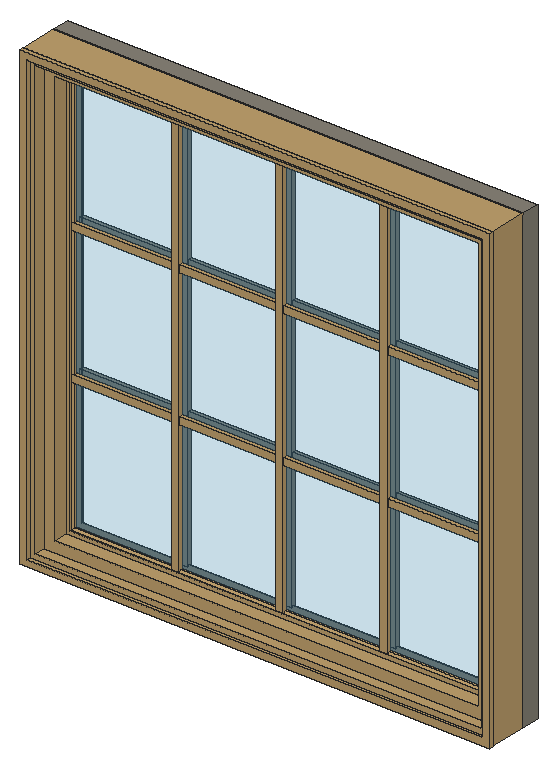
Revit family
Parameters (values of type "CUPCAP4848")
  Window Type = "Clad Ultimate Push Out Casement Picture Unit"
  URL = "www.marvin.com"
  Prairie Corner Width = 0' - 4"
  Prairie Corner Height = 0' - 4"
  Nominal Width = 4' - 0"
  Nominal Height = 4' - 0"
  Muntins Interior Material = Wood-Marvin-Pine
  Muntins Exterior Material = Aluminum-Marvin-Bronze
  Model = "CUPCAP4848"
  Manufacturer = "Marvin Windows and Doors"
  Lites Wide = 4
  Lites High = 3
  Lite Cut Prairie 9 = no
  Lite Cut HV Grid = not(Lite Cut Prairie 9)  # yes
  Label Visibility = no
  Interior Material = Wood-Marvin-Pine
  Glazing Material = Glass-Marvin-IG Low E II with Argon
  Glass Type = "IG Low E II with Argon"
  Frame = "Aluminum Clad"
  Family created by = "www.rbuiltcomponents.com"
  Rough Width = Width + 0' 1"  # 4' - 1"
  Rough Height = Height + 0' 0 1/2"  # 3' - 11 5/8"
  Muntins Interior Visibility = yes
  Muntins Exterior Visibility = yes
  Jamb Extension Visibility = yes
  Inset to Installation Flange [instance] = 0' - 1"
  Height = Nominal Height - 0' 0 7/8"  # 3' - 11 1/8"
  Design Pressure = "DP50"
  Description = "4848 Fixed"
  Default Head Height = 8' - 0"
  Wall Closure = (empty or 0)
  Width = Nominal Width  # 4' - 0"
  Daylight Area = DLO Width * DLO Height  # 12.1033 SF
  DLO Width = Width - 0' 5 13/16"  # 3' - 6 3/16"
  DLO Height = Height - 0' 5 13/16"  # 3' - 5 5/16"
  Cladding Material = Aluminum-Marvin-Bronze
  Assembly Code = ""
Reference planes (in)
  plane 1 "Center (Front/Back)": y = 0
  plane 2: z = 0
  plane 3 "Center (Left/Right)": x = -3
  plane 4 "Left": x = -27
  plane 5 "Right": x = 21
  plane 6 "Sill": z = 48.875
  plane 7 "Top": z = 96
  plane 8 "Inset": y = 2
  plane 9 "Glazing": y = 1.25
  plane 10 "Jamb Ext Face": y = -2.5625
  plane 11: z = 72.4375
  plane 12: y = -2.625
Forms (in)
  Sweep 1, solid, material "Aluminum-Marvin-Bronze" <- "Cladding Material"
    path origin (0, 1.25, 0) x (1, 0, 0) y (0, 0, 1)
      loop
        line (-27, 96) -> (-27, 48.875) -> (21, 48.875) -> (21, 96) -> (-27, 96)
    profile "Profile_Ext_Clad_Frame : Profile_Ext_Clad_Frame" origin (-27, 1.25, 72.4375) x (1, 0, 0) y (0, -1, 0)
      loop
        line (0, 0) -> (0, -1.84401) -> (0.52105, -1.84401) -> (0.62315, -0.38401) -> (2.696, -0.38401) -> (2.696, -0.2654) -> (2.896, -0.0654) -> (2.896, 0) -> (0, 0)
  Sweep 2, solid, material "Wood-Marvin-Pine" <- "Interior Material"
    path origin (0, 1.25, 0) x (1, 0, 0) y (0, 0, 1)
      loop
        line (-27, 96) -> (-27, 48.875) -> (21, 48.875) -> (21, 96) -> (-27, 96)
    profile "Profile_Int_Frame : Profile_Int_Frame" origin (-27, 1.25, 72.4375) x (1, 0, 0) y (0, -1, 0)
      loop
        line (0, 0) -> (2.208, 0) -> (2.208, 0.75299) -> (2.896, 0.75299) -> (2.896, 0.94965) -> (2.7085, 1.13715) -> (2.7085, 1.23699) -> (2.30184, 1.23699) -> (2.30184, 2.71113) -> (1.188, 2.71113) -> (1.188, 3.81199) -> (0, 3.81199) -> (0, 0)
  Extrusion 3, solid, material "Wood-Marvin-Pine" <- "Interior Material", visible <- "Jamb Extension Visibility", detail levels medium+fine
    sketch origin (0, -2.5625, 0) x (1, 0, 0) y (0, 0, 1)
      loop
        line (-27, 96) -> (-27, 48.875) -> (21, 48.875) -> (21, 96) -> (-27, 96)
      loop
        line (-26.3125, 49.5625) -> (20.3125, 49.5625) -> (20.3125, 95.3125) -> (-26.3125, 95.3125) -> (-26.3125, 49.5625)
    from 0.0625 to 0.4375
  Extrusion 4, solid, material "Glass-Marvin-IG Low E II with Argon" <- "Glazing Material"
    sketch origin (0, 1.25, 0) x (1, 0, 0) y (0, 0, 1)
      loop
        line (18.65625, 93.65625) -> (-24.65625, 93.65625) -> (-24.65625, 51.21875) -> (18.65625, 51.21875) -> (18.65625, 93.65625)
    from 0 to 0.125
  Extrusion 5, solid, material "Glass-Marvin-IG Low E II with Argon" <- "Glazing Material"
    sketch origin (0, 1.25, 0) x (1, 0, 0) y (0, 0, 1)
      loop
        line (18.65625, 93.65625) -> (-24.65625, 93.65625) -> (-24.65625, 51.21875) -> (18.65625, 51.21875) -> (18.65625, 93.65625)
    from 0.625 to 0.75
Lines and regions (in)
  Opening 1
    outline origin (-60, -3, 0) x (1, 0, 0) y (0, 0, 1)
      loop
        line (33, 96) -> (33, 48.875) -> (81, 48.875) -> (81, 96) -> (33, 96)
  Masking region 1
    outline origin (0, 0, 48.875) x (0, -1, 0) y (1, 0, 0)
      loop
        line (-3.09401, -27) -> (2.5625, -27) -> (2.5625, 21) -> (-3.09401, 21) -> (-3.09401, -27)
  Masking region 2
    outline origin (-3, 0, 0) x (0, 1, 0) y (0, 0, 1)
      loop
        line (3.09401, 96) -> (-2.5625, 96) -> (-2.5625, 48.875) -> (3.09401, 48.875) -> (3.09401, 96)
  Masking region 3, visible <- "Jamb Extension Visibility"
    outline origin (0, 0, 0) x (1, 0, 0) y (0, 1, 0)
      loop
        line (-27, -2.625) -> (-27, -3) -> (21, -3) -> (21, -2.625) -> (-27, -2.625)
  Masking region 4, visible <- "Jamb Extension Visibility"
    outline origin (-3, 0, 0) x (0, 1, 0) y (0, 0, 1)
      loop
        line (-2.625, 96) -> (-3, 96) -> (-3, 48.875) -> (-2.625, 48.875) -> (-2.625, 96)
  symbolic lines, style "Jamb Extension", visible <- "Jamb Extension Visibility", detail levels fine
    curve 1: line (-27, -3, 48.875) -> (-26.3125, -3, 48.875)
    curve 2: line (-26.3125, -3, 48.875) -> (-26.3125, -2.625, 48.875)
    curve 3: line (21, -3, 48.875) -> (20.3125, -3, 48.875)
    curve 4: line (20.3125, -3, 48.875) -> (20.3125, -2.625, 48.875)
    curve 5: line (-3, -3, 95.3125) -> (-3, -2.625, 95.3125)
    curve 6: line (-3, -3, 49.5625) -> (-3, -2.625, 49.5625)
  symbolic lines, style "WindowsFrameMullionProjection", detail levels coarse+medium
    curve 7: line (21, -2.5625, 0) -> (19.812, -2.5625, 0)
    curve 8: line (19.812, -2.5625, 0) -> (19.812, 3.09401, 0)
    curve 9: line (19.812, 3.09401, 0) -> (21, 3.09401, 0)
    curve 10: line (19.812, 1.63401, 0) -> (18.104, 1.63401, 0)
    curve 11: line (18.104, 1.63401, 0) -> (18.104, 0.01301, 0)
    curve 12: line (-25.812, 0.01301, 0) -> (-24.13337, 0.01301, 0)
    curve 13: line (-27, -2.5625, 0) -> (-25.812, -2.5625, 0)
    curve 14: line (-25.812, -2.5625, 0) -> (-25.812, 3.09401, 0)
    curve 15: line (-25.812, 3.09401, 0) -> (-27, 3.09401, 0)
    curve 16: line (-24.13337, 1.63401, 0) -> (-24.13337, 0.01301, 0)
    curve 17: line (-3, 3.09401, 96) -> (-3, 3.09401, 94.812)
    curve 18: line (-3, 3.09401, 94.812) -> (-3, -2.5625, 94.812)
    curve 19: line (-3, -2.5625, 94.812) -> (-3, -2.5625, 96)
    curve 20: line (-3, 1.63401, 94.812) -> (-3, 1.63401, 93.104)
    curve 21: line (-3, 1.63401, 93.104) -> (-3, 0.00901, 93.104)
    curve 22: line (-3, 0.00901, 50.063) -> (-3, 0.00901, 51.771)
    curve 23: line (-3, 3.09401, 48.875) -> (-3, 3.09401, 50.063)
    curve 24: line (-3, 3.09401, 50.063) -> (-3, -2.5625, 50.063)
    curve 25: line (-3, -2.5625, 50.063) -> (-3, -2.5625, 48.875)
    curve 26: line (-3, 1.63401, 51.771) -> (-3, 0.00901, 51.771)
    curve 29: line (18.104, 1.63401, 0) -> (-24.13337, 1.63401, 0)
    curve 30: line (18.104, 0.01301, 0) -> (19.812, 0.01301, 0)
    curve 31: line (-24.13337, 0.01301, 0) -> (18.104, 0.01301, 0)
    curve 32: line (-24.13337, 1.63401, 0) -> (-25.812, 1.63401, 0)
    curve 33: line (-3, 0.00901, 51.771) -> (-3, 0.00901, 93.104)
    curve 34: line (-3, 1.63401, 51.771) -> (-3, 1.63401, 50.063)
    curve 35: line (-3, 0.00901, 93.104) -> (-3, 0.00901, 94.812)
    curve 36: line (-3, 1.63401, 93.104) -> (-3, 1.63401, 51.771)
  symbolic lines, style "WindowsGlassProjection", detail levels coarse+medium
    curve 27: line (-3, 0.82151, 93.104) -> (-3, 0.82151, 51.771)
    curve 28: line (-24.13337, 0.82351, 0) -> (18.104, 0.82351, 0)
  symbolic lines, style "WindowsFrameMullionProjection"
    curve 37: line (-3, -2.5625, 50.063) -> (-3, -2.5625, 94.812)
    curve 38: line (-25.812, -2.5625, 48.875) -> (19.812, -2.5625, 48.875)
  symbolic lines, style "WindowsFrameMullionProjection", visible <- "Jamb Extension Visibility", detail levels coarse+medium
    curve 39: line (-26.3125, -2.625, 48.875) -> (-26.3125, -3, 48.875)
    curve 40: line (-26.3125, -3, 48.875) -> (-27, -3, 48.875)
    curve 41: line (20.3125, -2.625, 48.875) -> (20.3125, -3, 48.875)
    curve 42: line (20.3125, -3, 48.875) -> (21, -3, 48.875)
    curve 45: line (-3, -2.625, 95.3125) -> (-3, -3, 95.3125)
    curve 46: line (-3, -3, 95.3125) -> (-3, -3, 96)
    curve 47: line (-3, -2.625, 49.5625) -> (-3, -3, 49.5625)
    curve 48: line (-3, -3, 49.5625) -> (-3, -3, 48.875)
  symbolic lines, style "Jamb Extension", visible <- "Jamb Extension Visibility"
    curve 43: line (-3, -3, 49.5625) -> (-3, -3, 48.875)
    curve 44: line (-3, -3, 95.3125) -> (-3, -3, 96)
Text (in)
  text "EXTERIOR" at (-58.6888, 50.90694, 0), in view "Ref. Level"
  text "INTERIOR" at (-58.6888, -37.76638, 0), in view "Ref. Level"
  text "Exterior" at (0, 43.65631, 123.19604), in view "Left"
  text "Exterior" at (0, 18.29385, 125.04747), in view "Right"
Dimensions and locks (in)
  equal spacing: plane 4 "Left", plane 3 "Center (Left/Right)", plane 5 "Right"
  "Width": plane 4 "Left" to plane 5 "Right"
  "Height": plane 6 "Sill" to plane 7 "Top"
  "Inset to Installation Flange": host wall to plane 8 "Inset"
  locked: plane 9 "Glazing" to plane 8 "Inset" at 0.75
  locked: plane 10 "Jamb Ext Face" to plane 8 "Inset" at 4.5625
  locked: Extrusion 4 sketch curve to plane 5 "Right" at 2.34375
  locked: plane 4 "Left" to Extrusion 4 sketch curve at 2.34375
  locked: Extrusion 4 sketch curve to plane 7 "Top" at 2.34375
  locked: plane 6 "Sill" to Extrusion 4 sketch curve at 2.34375
  plane 8 "Inset" to curve 20 to curve 35 = 0' - 0.36599", 0' - 1 5/8"
  equal spacing: curve 30, curve 10, plane 8 "Inset"
  locked: nested 3 to plane 9 "Glazing" at 0.75
  equal spacing: plane 6 "Sill", plane 11, plane 7 "Top"
  "Default Head Height": plane 2 to plane 7 "Top"
  locked: Extrusion 3 sketch curve to Extrusion 3 sketch curve at 0.6875  (x2)
  locked: Sweep 2 to Extrusion 3 sketch curve at 0.6875
  locked: plane 7 "Top" to Extrusion 3 sketch curve at 0.6875
  locked: nested 5 to host wall at 12.00106
  locked: Extrusion 5 sketch curve to plane 7 "Top" at 2.34375
  locked: Extrusion 5 sketch curve to plane 5 "Right" at 2.34375
  locked: plane 6 "Sill" to Extrusion 5 sketch curve at 2.34375
  locked: plane 4 "Left" to Extrusion 5 sketch curve at 2.34375
  locked: plane 9 "Glazing" to Extrusion 4 at 0.125
  locked: plane 9 "Glazing" to Extrusion 5 at 0.625
  locked: plane 9 "Glazing" to Extrusion 5 at 0.75
  locked: Extrusion 5 to Extrusion 5 at 0.125
  locked: plane 12 to plane 10 "Jamb Ext Face" at 0.0625
  aligned and locked: plane 7 "Top" to Opening 1 sketch curve
  aligned and locked: plane 6 "Sill" to Opening 1 sketch curve  (x2)
  aligned and locked: plane 5 "Right" to Opening 1 sketch curve
  aligned and locked: plane 4 "Left" to Opening 1 sketch curve
  aligned and locked: nested 1 to plane 3 "Center (Left/Right)"
  aligned and locked: plane 8 "Inset" to nested 1
  aligned and locked: host wall to curve 1
  aligned and locked: curve 3 to host wall
  aligned and locked: plane 7 "Top" to Sweep 1 sketch curve
  aligned and locked: Sweep 1 sketch curve to plane 6 "Sill"
  aligned and locked: plane 5 "Right" to Sweep 1 sketch curve
  aligned and locked: Sweep 1 sketch curve to plane 4 "Left"
  aligned and locked: Sweep 2 sketch curve to plane 4 "Left"
  aligned and locked: plane 5 "Right" to Sweep 2 sketch curve
  aligned and locked: plane 7 "Top" to Sweep 2 sketch curve
  aligned and locked: Sweep 2 sketch curve to plane 6 "Sill"
  aligned and locked: plane 6 "Sill" to nested 2
  aligned and locked: plane 8 "Inset" to nested 2
  aligned and locked: Extrusion 3 sketch curve to plane 6 "Sill"
  aligned and locked: plane 5 "Right" to Extrusion 3 sketch curve
  aligned and locked: plane 11 to nested 3
  aligned and locked: plane 9 "Glazing" to nested 4
  aligned and locked: nested 4 to plane 11
  aligned and locked: nested 4 to plane 3 "Center (Left/Right)"
  aligned and locked: plane 3 "Center (Left/Right)" to nested 3
  aligned and locked: plane 5 "Right" to Masking region 1 sketch curve
  aligned and locked: Masking region 1 sketch curve to plane 4 "Left"
  aligned and locked: Masking region 1 sketch curve to Sweep 1
  aligned and locked: Masking region 2 sketch curve to Sweep 1
  aligned and locked: plane 7 "Top" to Masking region 2 sketch curve
  aligned and locked: Masking region 2 sketch curve to plane 6 "Sill"
  aligned and locked: host wall to Extrusion 3
  aligned and locked: Sweep 1 to curve 15
  aligned and locked: curve 9 to Sweep 1
  aligned and locked: curve 23 to Sweep 1
  aligned and locked: curve 17 to Sweep 1
  aligned and locked: plane 3 "Center (Left/Right)" to nested 5
  aligned and locked: Extrusion 3 sketch curve to plane 4 "Left"
  aligned and locked: plane 7 "Top" to Extrusion 3 sketch curve
  aligned and locked: curve 5 to Extrusion 3
  aligned and locked: curve 2 to Extrusion 3
  aligned and locked: curve 4 to Extrusion 3
  aligned and locked: plane 10 "Jamb Ext Face" to curve 13
  aligned and locked: curve 7 to plane 10 "Jamb Ext Face"
  aligned and locked: curve 38 to curve 14
  aligned and locked: curve 38 to curve 8
  aligned and locked: plane 10 "Jamb Ext Face" to curve 38
  aligned and locked: plane 4 "Left" to curve 40
  aligned and locked: curve 39 to Extrusion 3
  aligned and locked: curve 40 to host wall
  aligned and locked: plane 5 "Right" to curve 42
  aligned and locked: Extrusion 3 to curve 41
  aligned and locked: host wall to curve 42
  aligned and locked: curve 25 to plane 10 "Jamb Ext Face"
  aligned and locked: curve 24 to curve 37
  aligned and locked: plane 6 "Sill" to curve 43
  aligned and locked: curve 43 to Extrusion 3
  aligned and locked: curve 43 to host wall
  aligned and locked: plane 10 "Jamb Ext Face" to curve 19
  aligned and locked: plane 7 "Top" to curve 44
  aligned and locked: plane 7 "Top" to curve 46
  aligned and locked: host wall to curve 46
  aligned and locked: Extrusion 3 to curve 45
  aligned and locked: plane 6 "Sill" to curve 48
  aligned and locked: curve 47 to Extrusion 3
  aligned and locked: Sweep 2 to curve 37
  aligned and locked: Extrusion 4 to plane 9 "Glazing"
  aligned and locked: Sweep 1 to curve 10
  aligned and locked: Sweep 1 to curve 32
  aligned and locked: curve 12 to Sweep 2
  aligned and locked: Sweep 2 to curve 30
  aligned and locked: curve 8 to nested 1
  aligned and locked: curve 14 to Sweep 2
  aligned and locked: Extrusion 3 to plane 12
  aligned and locked: plane 12 to curve 2
  aligned and locked: plane 12 to curve 39
  aligned and locked: plane 12 to curve 4
  aligned and locked: plane 12 to curve 41
  aligned and locked: plane 12 to curve 5
  aligned and locked: plane 12 to curve 45
  aligned and locked: plane 12 to curve 6
  aligned and locked: plane 12 to curve 47
  aligned and locked: plane 12 to Masking region 3 sketch curve
  aligned and locked: Masking region 3 sketch curve to host wall
  aligned and locked: Masking region 3 sketch curve to plane 4 "Left"
  aligned and locked: plane 5 "Right" to Masking region 3 sketch curve
  aligned and locked: plane 12 to Masking region 4 sketch curve
  aligned and locked: Masking region 4 sketch curve to host wall
  aligned and locked: plane 7 "Top" to Masking region 4 sketch curve
  aligned and locked: Masking region 4 sketch curve to plane 6 "Sill"
  aligned and locked: Masking region 1 sketch curve to plane 10 "Jamb Ext Face"
  aligned and locked: Masking region 2 sketch curve to plane 10 "Jamb Ext Face"
Automatic sketch dimensions
  curve 13 to plane 4 "Left" = 0' - 0"
  curve 15 to plane 4 "Left" = 0' - 0"
  curve 7 to plane 5 "Right" = 0' - 0"
  curve 9 to plane 5 "Right" = 0' - 0"
  plane 9 "Glazing" to curve 28 = 0' - 0.42649"
  curve 11 to curve 30 = 0' - 1.708"
  curve 1 to plane 4 "Left" = 0' - 0"
  curve 3 to plane 5 "Right" = 0' - 0"
  curve 25 to plane 6 "Sill" = 0' - 0"
  curve 23 to plane 6 "Sill" = 0' - 0"
  curve 17 to plane 7 "Top" = 0' - 0"
  curve 19 to plane 7 "Top" = 0' - 0"
  plane 9 "Glazing" to curve 27 = 0' - 0.42849"
  curve 6 to curve 25 = 0' - 0.5005"
  curve 22 to curve 26 = 0' - 1.708"
  curve 36 to curve 20 = 0' - 1.708"
  curve 12 to curve 16 = 0' - 1.67863"
Nested families (in)
  nested 1: "Casement_Plan_Detail" at (-3, 2, 48.875) x (-1, 0, 0) z (0, 0, -1), type "Casement_Plan_Detail", detail levels fine
    with Width 4' - 0"
  nested 2: "Casement_Section_Detail" at (-3, 2, 96) x (0, -1, 0) z (1, 0, 0), type "Casement_Section_Detail", detail levels fine
  nested 3: "Muntins" at (-3, 0.5, 15.78125), visible <- "Muntins Interior Visibility", Muntin Material <- "Muntins Interior Material", type "Muntins"
    with Muntin Material Wood-Marvin-Pine, GlazingWidth 3' - 6 3/16", GlazingHeight 3' - 5 5/16", Width 3' - 6 5/8", VerticalMuntins 3, LitesHorizontal 4, Height 3' - 5 3/4", Inset Vert 0' - 10 9/32", Inset Horiz 1' - 1.54167"
  nested 4: "Muntins" at (-3, 1.25, 15.78125), visible <- "Muntins Exterior Visibility", Muntin Material <- "Muntins Exterior Material", type "Muntins"
    with Muntin Material Aluminum-Marvin-Bronze, GlazingWidth 3' - 6 3/16", GlazingHeight 3' - 5 5/16", Width 3' - 6 5/8", VerticalMuntins 3, LitesHorizontal 4, Height 3' - 5 3/4", Inset Vert 0' - 10 9/32", Inset Horiz 1' - 1.54167"
  nested 5: "Label Annotation 1-16 w" at (-3, 15.00106, 0), visible <- "Label Visibility", type "Label Annotation 1-16 w"
Definition of nested family "Muntins"
  Parameters (values of type "Muntins")
    PrairieMuntVisible = no
    Prairie Corner Width = 0' - 4"
    Prairie Corner Height = 0' - 4"
    Muntin Extension = 0' - 0 7/16"
    GridMuntVisible = yes
    GlazingWidth = 2' - 0"
    GlazingHeight = 2' - 11 1/8"
    Width = GlazingWidth + Muntin Extension  # 2' - 0 7/16"
    VerticalMuntins = if(LitesHorizontal < 3, 2, LitesHorizontal - 1)  # 2
    VertMuntVisible = and(GridMuntVisible, LitesHorizontal > 2)  # yes
    MuntinWidth = 0' - 0 3/4"
    MuntinDepth [instance] = 0' - 0 3/8"
    Muntin Material [instance] = none
    LitesVertical = 3
    LitesHorizontal = 3
    HorizontalMuntins = if(LitesVertical < 3, 2, LitesVertical - 1)  # 2
    HorizMuntVisible = and(GridMuntVisible, LitesVertical > 2)  # yes
    Height = GlazingHeight + Muntin Extension  # 2' - 11 9/16"
    Inset Vert = if(LitesHorizontal < 3, (Width / 3) - (MuntinWidth / 2), (Width / LitesHorizontal) - (MuntinWidth / 2))  # 0' - 7.77083"
    Inset Horiz = if(LitesVertical < 3, (Height / 3) - (MuntinWidth / 2), (Height / LitesVertical) - (MuntinWidth / 2))  # 0' - 11.47917"
    CenterMuntinVertical = and(GridMuntVisible, LitesHorizontal = 2)  # no
    CenterMuntinHorizontal = and(GridMuntVisible, LitesVertical = 2)  # no
    Assembly Code = ""
  Reference planes (in)
    plane 1 "Center (Front/Back)": y = 0
    plane 2: z = 0
    plane 3 "Center (Left/Right)": x = 0
    plane 4: z = 35.78125
    plane 5: z = 53.5625
    plane 6: z = 71.34375
    plane 7: z = 59.86458
    plane 8: z = 47.26042
    plane 9: z = 71.125
    plane 10: z = 36
    plane 11: x = -12
    plane 12: x = 12
    plane 13: x = -4.44792
    plane 14: x = -12.21875
    plane 15: x = 12.21875
    plane 16: x = 4.44792
    plane 17: z = 67.125
    plane 18: z = 40
    plane 19: x = -8
    plane 20: x = 8
  Forms (in)
    Extrusion 1, solid, material <- "Muntin Material", visible <- "CenterMuntinVertical", detail levels medium+fine
      sketch origin (9, 0, 0) x (1, 0, 0) y (0, 0, 1)
        loop
          line (-9.375, 71.34375) -> (-9.375, 35.78125) -> (-8.625, 35.78125) -> (-8.625, 71.34375) -> (-9.375, 71.34375)
      from 0 to 0.375 <- "MuntinDepth"
    Extrusion 2, solid, material <- "Muntin Material", visible <- "CenterMuntinHorizontal", detail levels medium+fine
      sketch origin (-0.0013, 0, 14.6875) x (1, 0, 0) y (0, 0, 1)
        loop
          line (-12.21745, 39.25) -> (-12.21745, 38.5) -> (12.22005, 38.5) -> (12.22005, 39.25) -> (-12.21745, 39.25)
      from 0 to 0.375 <- "MuntinDepth"
    Extrusion 3, solid, material <- "Muntin Material", visible <- "VertMuntVisible", detail levels medium+fine
      sketch origin (4.92708, 0, -2.90625) x (1, 0, 0) y (0, 0, 1)
        loop
          line (-9.375, 74.25) -> (-9.375, 38.6875) -> (-8.625, 38.6875) -> (-8.625, 74.25) -> (-9.375, 74.25)
      from 0 to 0.375 <- "MuntinDepth"
    Extrusion 4, solid, material <- "Muntin Material", visible <- "HorizMuntVisible", detail levels medium+fine
      sketch origin (-3.09635, 0, 14.17708) x (1, 0, 0) y (0, 0, 1)
        loop
          line (-9.1224, 45.6875) -> (-9.1224, 44.9375) -> (15.3151, 44.9375) -> (15.3151, 45.6875) -> (-9.1224, 45.6875)
      from 0 to 0.375 <- "MuntinDepth"
    Extrusion 5, solid, material <- "Muntin Material", visible <- "HorizMuntVisible", detail levels medium+fine
      sketch origin (-3.09635, 0, 2.32292) x (1, 0, 0) y (0, 0, 1)
        loop
          line (-9.1224, 45.6875) -> (-9.1224, 44.9375) -> (15.3151, 44.9375) -> (15.3151, 45.6875) -> (-9.1224, 45.6875)
      from 0 to 0.375 <- "MuntinDepth"
    Extrusion 6, solid, material <- "Muntin Material", visible <- "VertMuntVisible", detail levels medium+fine
      sketch origin (13.07292, 0, -2.90625) x (1, 0, 0) y (0, 0, 1)
        loop
          line (-9.375, 74.25) -> (-9.375, 38.6875) -> (-8.625, 38.6875) -> (-8.625, 74.25) -> (-9.375, 74.25)
      from 0 to 0.375 <- "MuntinDepth"
    Extrusion 7, solid, material <- "Muntin Material", visible <- "PrairieMuntVisible", detail levels medium+fine
      sketch origin (1, 0, 0) x (1, 0, 0) y (0, 0, 1)
        loop
          line (-9, 71.34375) -> (-9, 35.78125) -> (-8.25, 35.78125) -> (-8.25, 71.34375) -> (-9, 71.34375)
      from 0 to 0.375 <- "MuntinDepth"
    Extrusion 8, solid, material <- "Muntin Material", visible <- "PrairieMuntVisible", detail levels medium+fine
      sketch origin (17, 0, 0) x (1, 0, 0) y (0, 0, 1)
        loop
          line (-9.75, 71.34375) -> (-9.75, 35.78125) -> (-9, 35.78125) -> (-9, 71.34375) -> (-9.75, 71.34375)
      from 0 to 0.375 <- "MuntinDepth"
    Extrusion 9, solid, material <- "Muntin Material", visible <- "PrairieMuntVisible", detail levels medium+fine
      sketch origin (-0.0013, 0, 28.25) x (1, 0, 0) y (0, 0, 1)
        loop
          line (-12.21745, 38.875) -> (-12.21745, 38.125) -> (12.22005, 38.125) -> (12.22005, 38.875) -> (-12.21745, 38.875)
      from 0 to 0.375 <- "MuntinDepth"
    Extrusion 10, solid, material <- "Muntin Material", visible <- "PrairieMuntVisible", detail levels medium+fine
      sketch origin (-0.0013, 0, 1.125) x (1, 0, 0) y (0, 0, 1)
        loop
          line (-12.21745, 39.625) -> (-12.21745, 38.875) -> (12.22005, 38.875) -> (12.22005, 39.625) -> (-12.21745, 39.625)
      from 0 to 0.375 <- "MuntinDepth"
  Cuts and joins
    joined: Extrusion 7, Extrusion 8, Extrusion 9, Extrusion 10
  Lines and regions (in)
    model lines, style "Muntins", visible <- "CenterMuntinHorizontal", detail levels coarse
      curve 1: line (-12.21875, 0, 53.5625) -> (12.21875, 0, 53.5625)
    model lines, style "Muntins", visible <- "HorizMuntVisible", detail levels coarse
      curve 2: line (-12.21875, 0, 59.48958) -> (12.21875, 0, 59.48958)
      curve 3: line (-12.21875, 0, 47.63542) -> (12.21875, 0, 47.63542)
    model lines, style "Muntins", visible <- "CenterMuntinVertical", detail levels coarse
      curve 4: line (0, 0, 71.34375) -> (0, 0, 35.78125)
    model lines, style "Muntins", visible <- "VertMuntVisible", detail levels coarse
      curve 5: line (-4.07292, 0, 71.34375) -> (-4.07292, 0, 35.78125)
      curve 6: line (4.07292, 0, 71.34375) -> (4.07292, 0, 35.78125)
    model lines, style "Muntins", visible <- "PrairieMuntVisible", detail levels coarse
      curve 7: line (-12.21875, 0, 66.75) -> (12.21875, 0, 66.75)
      curve 8: line (-12.21875, 0, 40.375) -> (12.21875, 0, 40.375)
      curve 9: line (-7.625, 0, 35.78125) -> (-7.625, 0, 71.34375)
      curve 10: line (7.625, 0, 35.78125) -> (7.625, 0, 71.34375)
  Dimensions and locks (in)
    "Inset Horiz": plane 6 to plane 7
    "Inset Horiz": plane 8 to plane 4
    equal spacing: plane 6, plane 5, plane 4
    "Height": plane 6 to plane 4
    "GlazingHeight": plane 9 to plane 10
    equal spacing: plane 9, plane 5, plane 10
    "GlazingWidth": plane 12 to plane 11
    equal spacing: plane 12, plane 3 "Center (Left/Right)", plane 11
    "MuntinWidth": Extrusion 1 sketch curve to Extrusion 1 sketch curve
    "Height": Extrusion 1 sketch curve to Extrusion 1 sketch curve
    "MuntinWidth": Extrusion 2 sketch curve to Extrusion 2 sketch curve
    "Width": Extrusion 2 sketch curve to Extrusion 2 sketch curve
    "MuntinWidth": Extrusion 3 sketch curve to Extrusion 3 sketch curve
    "Height": Extrusion 3 sketch curve to Extrusion 3 sketch curve
    "Width": plane 15 to plane 14
    equal spacing: plane 15, plane 3 "Center (Left/Right)", plane 14
    "Inset Vert": plane 13 to plane 14
    "Inset Vert": plane 15 to plane 16
    "MuntinWidth": Extrusion 4 sketch curve to Extrusion 4 sketch curve
    "Width": Extrusion 4 sketch curve to Extrusion 4 sketch curve
    "MuntinWidth": Extrusion 5 sketch curve to Extrusion 5 sketch curve
    "Width": Extrusion 5 sketch curve to Extrusion 5 sketch curve
    group 2 to group 3 = 0' - 0"  (x2)
    group 3 to group 2 = 0' - 11.85417"
    "MuntinWidth": Extrusion 6 sketch curve to Extrusion 6 sketch curve
    "Height": Extrusion 6 sketch curve to Extrusion 6 sketch curve
    group 4 to group 5 = 0' - 8.14583"
    group 4 to group 5 = 0' - 0"  (x2)
    "Prairie Corner Width": plane 19 to plane 11
    "Prairie Corner Width": plane 20 to plane 12
    "Prairie Corner Height": plane 9 to plane 17
    "Prairie Corner Height": plane 18 to plane 10
    "MuntinWidth": Extrusion 7 sketch curve to Extrusion 7 sketch curve
    "Height": Extrusion 7 sketch curve to Extrusion 7 sketch curve
    "MuntinWidth": Extrusion 8 sketch curve to Extrusion 8 sketch curve
    "Height": Extrusion 8 sketch curve to Extrusion 8 sketch curve
    "MuntinWidth": Extrusion 9 sketch curve to Extrusion 9 sketch curve
    "Width": Extrusion 9 sketch curve to Extrusion 9 sketch curve
    "MuntinWidth": Extrusion 10 sketch curve to Extrusion 10 sketch curve
    "Width": Extrusion 10 sketch curve to Extrusion 10 sketch curve
    aligned and locked: plane 6 to Extrusion 1  (x2)
    aligned and locked: Extrusion 1 to plane 4  (x3)
    aligned and locked: Extrusion 3 to plane 13  (x5)
    aligned and locked: Extrusion 3 to plane 4  (x3)
    aligned and locked: Extrusion 2 to plane 14
    aligned and locked: plane 15 to Extrusion 2
    aligned and locked: plane 6 to Extrusion 3
    aligned and locked: plane 7 to Extrusion 4
    aligned and locked: Extrusion 4 to plane 14
    aligned and locked: plane 15 to Extrusion 4
    aligned and locked: curve 1 to plane 5
    aligned and locked: plane 14 to curve 1
    aligned and locked: plane 15 to curve 1
    aligned and locked: Extrusion 5 to plane 14
    aligned and locked: Extrusion 5 to plane 8
    aligned and locked: plane 15 to Extrusion 5
    aligned and locked: Extrusion 5 to curve 3  (x2)
    aligned and locked: Extrusion 4 to curve 2  (x2)
    aligned and locked: curve 4 to plane 3 "Center (Left/Right)"
    aligned and locked: Extrusion 1 to curve 4  (x2)
    aligned and locked: Extrusion 3 to curve 5  (x2)
    aligned and locked: Extrusion 6 to curve 6  (x2)
    aligned and locked: Extrusion 6 to plane 16
    aligned and locked: plane 6 to Extrusion 6
    aligned and locked: plane 6 to curve 6
    aligned and locked: Extrusion 6 to plane 4
    aligned and locked: plane 4 to curve 6
    aligned and locked: cut or joined group of Extrusion 7, Extrusion 8, Extrusion 9, Extrusion 10 to plane 19
    aligned and locked: plane 20 to cut or joined group of Extrusion 7, Extrusion 8, Extrusion 9, Extrusion 10
    aligned and locked: plane 17 to cut or joined group of Extrusion 7, Extrusion 8, Extrusion 9, Extrusion 10
    aligned and locked: cut or joined group of Extrusion 7, Extrusion 8, Extrusion 9, Extrusion 10 to plane 18
    aligned and locked: cut or joined group of Extrusion 7, Extrusion 8, Extrusion 9, Extrusion 10 to curve 7  (x2)
    aligned and locked: cut or joined group of Extrusion 7, Extrusion 8, Extrusion 9, Extrusion 10 to curve 8  (x2)
    aligned and locked: cut or joined group of Extrusion 7, Extrusion 8, Extrusion 9, Extrusion 10 to curve 9  (x2)
    aligned and locked: cut or joined group of Extrusion 7, Extrusion 8, Extrusion 9, Extrusion 10 to curve 10  (x2)
  Automatic sketch dimensions
    Extrusion 1 sketch curve to plane 4 = 0' - 0"
    Extrusion 1 sketch curve to plane 3 "Center (Left/Right)" = 0' - 0 3/8"
    Extrusion 2 sketch curve to plane 14 = 0' - 0"
    Extrusion 2 sketch curve to plane 5 = 0' - 0 3/8"
    Extrusion 7 sketch curve to plane 4 = 0' - 0"
    Extrusion 7 sketch curve to plane 19 = 0' - 0"
    Extrusion 8 sketch curve to plane 4 = 0' - 0"
    Extrusion 8 sketch curve to plane 20 = 0' - 0 3/4"
    Extrusion 9 sketch curve to plane 14 = 0' - 0"
    Extrusion 9 sketch curve to plane 17 = 0' - 0 3/4"
    Extrusion 10 sketch curve to plane 14 = 0' - 0"
    Extrusion 10 sketch curve to plane 18 = 0' - 0"
    plane 19 to curve 9 = 0' - 0 3/8"
    curve 10 to plane 20 = 0' - 0 3/8"
    plane 18 to curve 8 = 0' - 0 3/8"
    curve 7 to plane 17 = 0' - 0 3/8"
Definition of nested family "Casement_Plan_Detail"
  Parameters (values of type "Casement_Plan_Detail")
    Width = 3' - 0"
    Assembly Code = ""
  Reference planes (in)
    plane 1 "Center (Front/Back)": y = 0
    plane 2: z = 0
    plane 3 "Center (Left/Right)": x = 0
    plane 4: x = -18
    plane 5: x = 18
  Lines and regions (in)
    detail lines, style "Cut Lines", in view "Ref. Level"
      curve 1: line (-15.647, -0.74875, 0) -> (15.647, -0.74875, 0)
      curve 2: line (-15.647, -0.86675, 0) -> (15.647, -0.86675, 0)
      curve 3: line (-15.647, -1.38075, 0) -> (15.647, -1.38075, 0)
      curve 4: line (-15.647, -1.49875, 0) -> (15.647, -1.49875, 0)
    detail lines, style "DetailComponentsHiddenLines", in view "Ref. Level"
      curve 5: line (-14.92484, -2.36899, 0) -> (14.96084, -2.36899, 0)
  Dimensions and locks (in)
    equal spacing: plane 4, plane 3 "Center (Left/Right)", plane 5
    "Width": plane 4 to plane 5
    aligned and locked: plane 1 "Center (Front/Back)" to nested 1
    aligned and locked: nested 1 to plane 4
    aligned and locked: plane 5 to nested 2
    aligned and locked: nested 2 to plane 1 "Center (Front/Back)"
    aligned and locked: nested 2 to nested 2
    aligned and locked: nested 1 to curve 5
  Automatic sketch dimensions
    plane 1 "Center (Front/Back)" to curve 1 = 0' - 0.74875"
    curve 2 to curve 1 = 0' - 0"
    curve 4 to curve 2 = 0' - 0"
    curve 3 to curve 4 = 0' - 0"  (x2)
    curve 4 to curve 5 = 0' - 0.72216"
    plane 5 to curve 5 = 0' - 3.03916"
    curve 5 to curve 4 = 0' - 0.68616"
    curve 2 to curve 4 = 0' - 0"
    curve 1 to curve 2 = 0' - 0"
    curve 2 to curve 1 = 0' - 0.118"
    curve 3 to curve 2 = 0' - 0.514"
    curve 4 to curve 3 = 0' - 0.118"
    curve 5 to curve 4 = 0' - 0.87024"
  Nested families (in)
    nested 1: "Jamb_Detail" at (-18, 0, 0), type "Jamb_Detail", in view "Ref. Level"
    nested 2: "Jamb_Detail" at (18, 0, 0) x (-1, 0, 0) z (0, 0, 1), type "Jamb_Detail", in view "Ref. Level"
  Definition of nested family "Jamb_Detail"
    Parameters (values of type "Jamb_Detail")
      Assembly Code = ""
    Reference planes (in)
      plane 1 "Center (Front/Back)": y = 0
      plane 2: z = 0
      plane 3 "Center (Left/Right)": x = 0
    Lines and regions (in)
      detail lines, style "Cut Lines", in view "Ref. Level"
        curve 1: line (0, 4.56199, 0) -> (1.188, 4.56199, 0)
        curve 2: line (0, -1.09401, 0) -> (0, 4.56199, 0)
        curve 3: line (1.188, 4.56199, 0) -> (1.188, 0.76198, 0)
        curve 4: line (0.52105, -1.09401, 0) -> (0, -1.09401, 0)
        curve 5: line (0.637, 0.56409, 0) -> (0.52105, -1.09401, 0)
        curve 6: line (0.637, 0.56409, 0) -> (0.637, 1.98699, 0)
        curve 7: line (-1.5, 0, 0) -> (-0.15, 0, 0)
        curve 8: line (0, -0.04501, 0) -> (-1.5, -0.04501, 0)
        curve 9: line (-1.5, -0.04501, 0) -> (-1.5, 0, 0)
        curve 10: line (-0.15, 0.10999, 0) -> (0, 0.10999, 0)
        curve 11: line (-0.15, 0, 0) -> (-0.15, 0.10999, 0)
        curve 12: line (1.188, 3.46342, 0) -> (2.115, 3.46342, 0)
        curve 13: line (2.115, 3.46342, 0) -> (2.115, 2.86577, 0)
        curve 14: line (2.30184, 2.86577, 0) -> (2.30184, 2.34399, 0)
        curve 15: line (2.489, 2.34399, 0) -> (2.489, 1.98699, 0)
        curve 16: line (2.115, 2.86577, 0) -> (2.30184, 2.86577, 0)
        curve 17: line (0.805, 0.76198, 0) -> (1.188, 0.76198, 0)
        curve 18: line (0.805, 0.36599, 0) -> (0.805, 0.76198, 0)
        curve 19: line (2.696, 0.36599, 0) -> (0.805, 0.36599, 0)
        curve 20: line (2.696, 0.4846, 0) -> (2.696, 0.36599, 0)
        curve 21: line (2.896, 0.6846, 0) -> (2.696, 0.4846, 0)
        curve 22: line (2.208, 0.71396, 0) -> (2.896, 0.71396, 0)
        curve 23: line (2.208, 1.50299, 0) -> (2.208, 0.71396, 0)
        curve 24: line (2.896, 1.50299, 0) -> (2.208, 1.50299, 0)
        curve 25: line (2.896, 1.67399, 0) -> (2.896, 1.50299, 0)
        curve 26: line (2.677, 1.98699, 0) -> (2.677, 1.89299, 0)
        curve 27: line (0.637, 1.98699, 0) -> (2.677, 1.98699, 0)
        curve 28: line (2.896, 0.71396, 0) -> (2.896, 0.6846, 0)
        curve 29: line (2.677, 1.89299, 0) -> (2.896, 1.67399, 0)
        curve 30: line (2.30184, 2.71899, 0) -> (2.98516, 2.71899, 0)
        curve 31: line (2.88116, 2.34399, 0) -> (2.30184, 2.34399, 0)
        curve 32: line (2.88116, 2.57074, 0) -> (2.88116, 2.34399, 0)
        curve 33: line (3.00316, 2.57074, 0) -> (2.88116, 2.57074, 0)
        curve 34: line (3.07516, 2.61899, 0) -> (3.07516, 2.36799, 0)
        curve 35: line (3.00316, 2.36799, 0) -> (3.00316, 2.57074, 0)
        curve 36: line (3.00316, 2.36799, 0) -> (3.07516, 2.36799, 0)
        curve 37: line (2.98516, 2.71899, 0) -> (2.98516, 2.61899, 0)
        curve 38: line (2.98516, 2.61899, 0) -> (3.07516, 2.61899, 0)
        curve 39: line (2.353, 1.38075, 0) -> (2.353, 1.49875, 0)
        curve 40: line (2.478, 0.86675, 0) -> (2.478, 1.38075, 0)
        curve 41: line (2.728, 0.87375, 0) -> (2.728, 1.37375, 0)
        curve 42: line (2.353, 0.74875, 0) -> (2.353, 0.86675, 0)
Definition of nested family "Casement_Section_Detail"
  Parameters (values of type "Casement_Section_Detail")
    Height = 3' - 11 1/8"
    Assembly Code = ""
  Reference planes (in)
    plane 1 "Center (Front/Back)": y = 0
    plane 2: z = 0
    plane 3 "Center (Left/Right)": x = 0
    plane 4: y = 47.125
  Lines and regions (in)
    detail lines, style "Cut Lines", in view "Ref. Level"
      curve 1: line (0.74625, 44.77203, 0) -> (0.74625, 2.35297, 0)
      curve 2: line (0.86425, 44.77203, 0) -> (0.86425, 2.35297, 0)
      curve 3: line (1.37825, 44.77203, 0) -> (1.37825, 2.35297, 0)
      curve 4: line (1.49625, 44.77203, 0) -> (1.49625, 2.35297, 0)
    detail lines, style "DetailComponentsHiddenLines", in view "Ref. Level"
      curve 5: line (2.36799, 3.28429, 0) -> (2.36799, 44.04984, 0)
  Dimensions and locks (in)
    "Height": plane 4 to plane 1 "Center (Front/Back)"
    aligned and locked: plane 1 "Center (Front/Back)" to nested 1
    aligned and locked: plane 3 "Center (Left/Right)" to nested 1
    aligned and locked: nested 2 to plane 4
    aligned and locked: plane 3 "Center (Left/Right)" to nested 2
    aligned and locked: nested 1 to curve 5  (x2)
    aligned and locked: nested 2 to curve 5
  Automatic sketch dimensions
    plane 3 "Center (Left/Right)" to curve 1 = 0' - 0.74625"
    curve 1 to curve 2 = 0' - 0.118"
    curve 2 to curve 3 = 0' - 0.514"
    curve 3 to curve 4 = 0' - 0.118"
    curve 3 to curve 5 = 0' - 0.93132"
    curve 2 to curve 3 = 0' - 0"  (x2)
    curve 4 to curve 3 = 0' - 0"  (x2)
    curve 1 to curve 2 = 0' - 0"  (x2)
    curve 5 to curve 3 = 0' - 0.72219"
  Nested families (in)
    nested 1: "Sill_Detail" at (0, 0, 0), type "Sill_Detail", in view "Ref. Level"
    nested 2: "Head_Detail" at (0, 47.125, 0), type "Head_Detail", in view "Ref. Level"
  Definition of nested family "Sill_Detail"
    Parameters (values of type "Sill_Detail")
      Assembly Code = ""
    Reference planes (in)
      plane 1 "Center (Front/Back)": y = 0
      plane 2: z = 0
      plane 3 "Center (Left/Right)": x = 0
    Lines and regions (in)
      detail lines, style "Cut Lines", in view "Ref. Level"
        curve 1: line (4.56199, 0, 0) -> (4.56199, 1.188, 0)
        curve 2: line (-1.09401, 0, 0) -> (4.56199, 0, 0)
        curve 3: line (4.56199, 1.188, 0) -> (0.76198, 1.188, 0)
        curve 4: line (-1.09401, 0.52105, 0) -> (-1.09401, 0, 0)
        curve 5: line (0.56409, 0.637, 0) -> (-1.09401, 0.52105, 0)
        curve 6: line (0.56409, 0.637, 0) -> (1.98699, 0.637, 0)
        curve 7: line (0, -1.5, 0) -> (0, -0.15, 0)
        curve 8: line (-0.04501, 0, 0) -> (-0.04501, -1.5, 0)
        curve 9: line (-0.04501, -1.5, 0) -> (0, -1.5, 0)
        curve 10: line (0.10999, -0.15, 0) -> (0.10999, 0, 0)
        curve 11: line (0, -0.15, 0) -> (0.10999, -0.15, 0)
        curve 12: line (3.46342, 1.188, 0) -> (3.46342, 2.51098, 0)
        curve 13: line (3.46342, 2.51098, 0) -> (1.98699, 2.51098, 0)
        curve 14: line (0.76198, 0.805, 0) -> (0.76198, 1.188, 0)
        curve 15: line (0.36599, 0.805, 0) -> (0.76198, 0.805, 0)
        curve 16: line (0.36599, 2.696, 0) -> (0.36599, 0.805, 0)
        curve 17: line (0.4846, 2.696, 0) -> (0.36599, 2.696, 0)
        curve 18: line (0.6846, 2.896, 0) -> (0.4846, 2.696, 0)
        curve 19: line (0.71396, 2.208, 0) -> (0.71396, 2.896, 0)
        curve 20: line (1.50299, 2.208, 0) -> (0.71396, 2.208, 0)
        curve 21: line (1.50299, 2.896, 0) -> (1.50299, 2.208, 0)
        curve 22: line (1.67399, 2.896, 0) -> (1.50299, 2.896, 0)
        curve 23: line (1.98699, 2.677, 0) -> (1.89299, 2.677, 0)
        curve 24: line (1.98699, 0.637, 0) -> (1.98699, 2.677, 0)
        curve 25: line (0.71396, 2.896, 0) -> (0.6846, 2.896, 0)
        curve 26: line (1.89299, 2.677, 0) -> (1.67399, 2.896, 0)
        curve 27: line (2.71899, 2.51098, 0) -> (2.71899, 3.19429, 0)
        curve 28: line (2.34399, 3.09029, 0) -> (2.34399, 2.51098, 0)
        curve 29: line (2.57074, 3.09029, 0) -> (2.34399, 3.09029, 0)
        curve 30: line (2.57074, 3.21229, 0) -> (2.57074, 3.09029, 0)
        curve 31: line (2.61899, 3.28429, 0) -> (2.36799, 3.28429, 0)
        curve 32: line (2.36799, 3.21229, 0) -> (2.57074, 3.21229, 0)
        curve 33: line (2.36799, 3.21229, 0) -> (2.36799, 3.28429, 0)
        curve 34: line (2.71899, 3.19429, 0) -> (2.61899, 3.19429, 0)
        curve 35: line (2.61899, 3.19429, 0) -> (2.61899, 3.28429, 0)
        curve 36: line (1.38075, 2.353, 0) -> (1.49875, 2.353, 0)
        curve 37: line (0.86675, 2.478, 0) -> (1.38075, 2.478, 0)
        curve 38: line (0.87375, 2.728, 0) -> (1.37375, 2.728, 0)
        curve 39: line (0.74875, 2.353, 0) -> (0.86675, 2.353, 0)
  Definition of nested family "Head_Detail"
    Parameters (values of type "Head_Detail")
      Assembly Code = ""
    Reference planes (in)
      plane 1 "Center (Front/Back)": y = 0
      plane 2: z = 0
      plane 3 "Center (Left/Right)": x = 0
    Lines and regions (in)
      detail lines, style "Cut Lines", in view "Ref. Level"
        curve 1: line (4.56199, 0, 0) -> (4.56199, -1.188, 0)
        curve 2: line (-1.09401, 0, 0) -> (4.56199, 0, 0)
        curve 3: line (4.56199, -1.188, 0) -> (0.76198, -1.188, 0)
        curve 4: line (-1.09401, -0.52105, 0) -> (-1.09401, 0, 0)
        curve 5: line (0.56409, -0.637, 0) -> (-1.09401, -0.52105, 0)
        curve 6: line (0.56409, -0.637, 0) -> (1.98699, -0.637, 0)
        curve 7: line (0, 1.5, 0) -> (0, 0.15, 0)
        curve 8: line (-0.04501, 0, 0) -> (-0.04501, 1.5, 0)
        curve 9: line (-0.04501, 1.5, 0) -> (0, 1.5, 0)
        curve 10: line (0.10999, 0.15, 0) -> (0.10999, 0, 0)
        curve 11: line (0, 0.15, 0) -> (0.10999, 0.15, 0)
        curve 12: line (3.46342, -1.188, 0) -> (3.46342, -2.30184, 0)
        curve 13: line (3.46342, -2.30184, 0) -> (2.34399, -2.30184, 0)
        curve 14: line (2.34399, -2.489, 0) -> (1.98699, -2.489, 0)
        curve 15: line (0.76198, -0.805, 0) -> (0.76198, -1.188, 0)
        curve 16: line (0.36599, -0.805, 0) -> (0.76198, -0.805, 0)
        curve 17: line (0.36599, -2.696, 0) -> (0.36599, -0.805, 0)
        curve 18: line (0.4846, -2.696, 0) -> (0.36599, -2.696, 0)
        curve 19: line (0.6846, -2.896, 0) -> (0.4846, -2.696, 0)
        curve 20: line (0.71396, -2.208, 0) -> (0.71396, -2.896, 0)
        curve 21: line (1.50299, -2.208, 0) -> (0.71396, -2.208, 0)
        curve 22: line (1.50299, -2.896, 0) -> (1.50299, -2.208, 0)
        curve 23: line (1.67399, -2.896, 0) -> (1.50299, -2.896, 0)
        curve 24: line (1.98699, -2.677, 0) -> (1.89299, -2.677, 0)
        curve 25: line (1.98699, -0.637, 0) -> (1.98699, -2.677, 0)
        curve 26: line (0.71396, -2.896, 0) -> (0.6846, -2.896, 0)
        curve 27: line (1.89299, -2.677, 0) -> (1.67399, -2.896, 0)
        curve 28: line (2.71899, -2.30184, 0) -> (2.71899, -2.98516, 0)
        curve 29: line (2.34399, -2.88116, 0) -> (2.34399, -2.30184, 0)
        curve 30: line (2.57074, -2.88116, 0) -> (2.34399, -2.88116, 0)
        curve 31: line (2.57074, -3.00316, 0) -> (2.57074, -2.88116, 0)
        curve 32: line (2.61899, -3.07516, 0) -> (2.36799, -3.07516, 0)
        curve 33: line (2.36799, -3.00316, 0) -> (2.57074, -3.00316, 0)
        curve 34: line (2.36799, -3.00316, 0) -> (2.36799, -3.07516, 0)
        curve 35: line (2.71899, -2.98516, 0) -> (2.61899, -2.98516, 0)
        curve 36: line (2.61899, -2.98516, 0) -> (2.61899, -3.07516, 0)
        curve 37: line (1.38075, -2.353, 0) -> (1.49875, -2.353, 0)
        curve 38: line (0.86675, -2.478, 0) -> (1.38075, -2.478, 0)
        curve 39: line (0.87375, -2.728, 0) -> (1.37375, -2.728, 0)
        curve 40: line (0.74875, -2.353, 0) -> (0.86675, -2.353, 0)
Definition of nested family "Label Annotation 1-16 w"
  Parameters
    Label = ""
    Egress Info = ""
    Description = "3040 Csmt"
  Reference planes (in)
    plane 1: y = 0
    plane 2: x = 0
  Text (in)
    label "Description Egress Info" at (0.00375, -0.00345, 0), shows "Description", "Egress Info"
